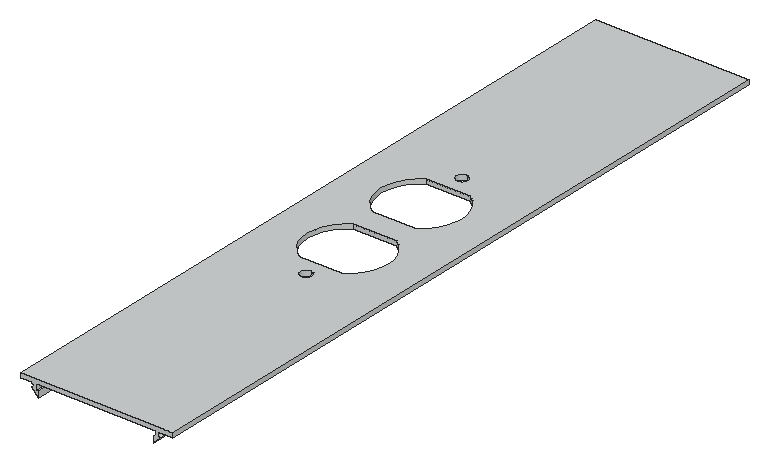
Revit family "Specialty_Equipment-Metal_Raceway-Hubbell_Wiring-Duplex_Receptacle_Cover-HBLALU57DR", category Specialty Equipment, host Face, Revit 2015
Parameters
  URL = "http://www.hubbell-wiring.com/"
  Product data url = "https://bimobject.com/hubbellwiring/product/hubbell-metal-raceway-alu5000"
  Product Page URL = "http://ecatalog.hubbell-wiring.com/ProductInformation/ViewCatalog.aspx?Dest=hubbell-wiring.com/press/catalog/r.pdf"
  Product Documentation Link = "http://www.hubbell-wiring.com/press/pdfs/h5233r08.pdf"
  Model = "HBLALU57DR"
  Manufacturer = "Hubbell Wiring Device Kellems"  # constant formula
  Host Note = "Add in Section View; Host to Wall"  # constant formula
  Description = "Duplex Receptacle Cover"  # constant formula
  Default Elevation = 48.00"
  Cable Tray Material = Metal-Hubbell-Aluminum
  B = 12.00"
  Assembly Code = "D5090900"
  A = 2.54"
Reference planes (in)
  plane 1 "Center (Front/Back)": y = 0
  plane 2: z = 0
  plane 3 "Center (Left/Right)": x = 0
  plane 4: z = 1.585
  plane 5: y = 6
  plane 6: y = -6
  plane 7: x = -1.27
  plane 8: x = 1.27
  plane 9: y = 1.625
  plane 10: y = -1.625
  plane 11: y = 0.7655
  plane 12: y = -0.7655
Forms (in)
  Extrusion 1, void, detail levels medium+fine
    sketch origin (1.49625, 0, 2.17481) x (0, -1, 0) y (-1, 0, 0)
      loop
        circle (1.625, 1.49625) r 0.1
      loop
        circle (-1.625, 1.49625) r 0.1
      loop
        arc (-0.20278, 1.86109) -> (-0.7655, 2.16518) -> (-1.32822, 1.86109) r 0.67271
        line (-1.32822, 1.86109) -> (-1.32822, 1.1257)
        arc (-1.32822, 1.1257) -> (-0.7655, 0.82257) -> (-0.20278, 1.1257) r 0.67387
        line (-0.20278, 1.1257) -> (-0.20278, 1.86109)
      loop
        arc (1.32822, 1.86109) -> (0.7655, 2.16518) -> (0.20278, 1.86109) r 0.67271
        line (0.20278, 1.86109) -> (0.20278, 1.1257)
        arc (0.20278, 1.1257) -> (0.7655, 0.82257) -> (1.32822, 1.1257) r 0.67387
        line (1.32822, 1.1257) -> (1.32822, 1.86109)
    from 0.515 to 0.77349
  Extrusion 2, solid, material "Metal-Hubbell-Aluminum" <- "Cable Tray Material"
    sketch origin (0, 0, 0) x (1, 0, 0) y (0, 0, 1)
      loop
        line (-1.27, 1.65981) -> (-1.27, 1.585) -> (-1.08047, 1.585)
        arc (-1.08047, 1.585) -> (-1.04559, 1.55149) -> (-1.07767, 1.51529) r 0.03491
        line (-1.07767, 1.51529) -> (-0.9637, 1.40132) -> (-0.9637, 1.5052) -> (-0.99569, 1.5052) -> (-0.99569, 1.585) -> (0.98819, 1.585) -> (0.98819, 1.5052) -> (0.9562, 1.5052) -> (0.9562, 1.40132) -> (1.07017, 1.51529)
        arc (1.07017, 1.51529) -> (1.03809, 1.55149) -> (1.07298, 1.585) r 0.03491
        line (1.07298, 1.585) -> (1.27, 1.585) -> (1.27, 1.65981) -> (-1.27, 1.65981)
    from -6 to 6
Cuts and joins
  Extrusion 1 cuts Extrusion 2
Lines and regions (in)
  reference lines
    curve 1: circle (0, 1.625, 1.585) r 0.1 normal (0, 0, 1)
    curve 2: circle (0, -1.625, 1.585) r 0.1 normal (0, 0, 1)
    curve 3: line (-1.27, 0, 1.65981) -> (-1.27, 0, 1.585)
    curve 4: line (1.27, 0, 1.65981) -> (-1.27, 0, 1.65981)
    curve 5: line (1.27, 0, 1.585) -> (1.27, 0, 1.65981)
    curve 6: line (1.07298, 0, 1.585) -> (1.27, 0, 1.585)
    curve 7: arc (1.07017, 0, 1.51529) -> (1.03809, 0, 1.55149) -> (1.07298, 0, 1.585) r 0.03491
    curve 8: line (0.9562, 0, 1.40132) -> (1.07017, 0, 1.51529)
    curve 9: line (0.9562, 0, 1.5052) -> (0.9562, 0, 1.40132)
    curve 10: line (0.98819, 0, 1.5052) -> (0.9562, 0, 1.5052)
    curve 11: line (0.98819, 0, 1.585) -> (0.98819, 0, 1.5052)
    curve 12: line (-0.99569, 0, 1.585) -> (0.98819, 0, 1.585)
    curve 13: line (-0.99569, 0, 1.5052) -> (-0.99569, 0, 1.585)
    curve 14: line (-0.9637, 0, 1.5052) -> (-0.99569, 0, 1.5052)
    curve 15: line (-0.9637, 0, 1.40132) -> (-0.9637, 0, 1.5052)
    curve 16: line (-1.07767, 0, 1.51529) -> (-0.9637, 0, 1.40132)
    curve 17: arc (-1.08047, 0, 1.585) -> (-1.04559, 0, 1.55149) -> (-1.07767, 0, 1.51529) r 0.03491
    curve 18: line (-1.27, 0, 1.585) -> (-1.08047, 0, 1.585)
    curve 19: arc (-0.36484, 1.32822, 2.075) -> (-0.66893, 0.7655, 2.075) -> (-0.36484, 0.20278, 2.075) r 0.67271
    curve 20: line (-0.36484, 1.32822, 2.075) -> (0.37055, 1.32822, 2.075)
    curve 21: line (-0.36484, 0.20278, 2.075) -> (0.37055, 0.20278, 2.075)
    curve 22: arc (0.37055, 1.32822, 2.075) -> (0.67368, 0.7655, 2.075) -> (0.37055, 0.20278, 2.075) r 0.67387
    curve 23: arc (-0.36484, -1.32822, 2.075) -> (-0.66893, -0.7655, 2.075) -> (-0.36484, -0.20278, 2.075) r 0.67271
    curve 24: line (-0.36484, -1.32822, 2.075) -> (0.37055, -1.32822, 2.075)
    curve 25: line (-0.36484, -0.20278, 2.075) -> (0.37055, -0.20278, 2.075)
    curve 26: arc (0.37055, -1.32822, 2.075) -> (0.67368, -0.7655, 2.075) -> (0.37055, -0.20278, 2.075) r 0.67387
  symbolic lines
    curve 27: line (0, 6, 1.585) -> (0, -6, 1.585)
    curve 28: line (0, 6, 1.65981) -> (0, 6, 1.585)
    curve 29: line (0, -6, 1.65981) -> (0, 6, 1.65981)
    curve 30: line (0, -6, 1.585) -> (0, -6, 1.65981)
    curve 31: line (-1.27, -6, 0) -> (1.27, -6, 0)
    curve 32: line (-1.27, 6, 0) -> (-1.27, -6, 0)
    curve 33: line (1.27, 6, 0) -> (-1.27, 6, 0)
    curve 34: line (1.27, -6, 0) -> (1.27, 6, 0)
    curve 35: arc (0, 1.725, 0) -> (0.1, 1.625, 0) -> (0, 1.525, 0) r 0.1
    curve 36: arc (0, 1.525, 0) -> (-0.1, 1.625, 0) -> (0, 1.725, 0) r 0.1
    curve 37: line (-0.36484, 1.32822, 0) -> (0.37055, 1.32822, 0)
    curve 38: arc (0.37055, 1.32822, 0) -> (0.67368, 0.7655, 0) -> (0.37055, 0.20278, 0) r 0.67387
    curve 39: line (0.37055, 0.20278, 0) -> (-0.36484, 0.20278, 0)
    curve 40: arc (-0.36484, 0.20278, 0) -> (-0.66893, 0.7655, 0) -> (-0.36484, 1.32822, 0) r 0.67271
    curve 41: line (-0.36484, -0.20278, 0) -> (0.37055, -0.20278, 0)
    curve 42: arc (0.37055, -0.20278, 0) -> (0.67368, -0.7655, 0) -> (0.37055, -1.32822, 0) r 0.67387
    curve 43: line (0.37055, -1.32822, 0) -> (-0.36484, -1.32822, 0)
    curve 44: arc (-0.36484, -1.32822, 0) -> (-0.66893, -0.7655, 0) -> (-0.36484, -0.20278, 0) r 0.67271
    curve 45: arc (0, -1.525, 0) -> (0.1, -1.625, 0) -> (0, -1.725, 0) r 0.1
    curve 46: arc (0, -1.725, 0) -> (-0.1, -1.625, 0) -> (0, -1.525, 0) r 0.1
    curve 47: line (1.27, 0, 1.585) -> (-1.27, 0, 1.585)
    curve 48: line (1.27, 0, 1.65981) -> (1.27, 0, 1.585)
    curve 49: line (-1.27, 0, 1.65981) -> (1.27, 0, 1.65981)
    curve 50: line (-1.27, 0, 1.585) -> (-1.27, 0, 1.65981)
Dimensions and locks (in)
  equal spacing: plane 5, plane 1 "Center (Front/Back)", plane 6
  equal spacing: plane 9, plane 1 "Center (Front/Back)", plane 10, locked at 1.625 each
  plane 4 to host face = 1.585"
  equal spacing: plane 11, plane 1 "Center (Front/Back)", plane 12, locked at 0.7655 each
  equal spacing: plane 7, plane 3 "Center (Left/Right)", plane 8
  "A": plane 7 to plane 8
  "B": plane 5 to plane 6
  aligned and locked: plane 2 to host face
  aligned and locked: level to host face
  aligned and locked: Extrusion 1 sketch curve to curve 2
  aligned and locked: Extrusion 1 sketch curve to curve 1
  aligned and locked: Extrusion 1 sketch curve to curve 21
  aligned and locked: Extrusion 1 sketch curve to curve 19
  aligned and locked: Extrusion 1 sketch curve to curve 20
  aligned and locked: Extrusion 1 sketch curve to curve 22
  aligned and locked: Extrusion 1 sketch curve to curve 23
  aligned and locked: Extrusion 1 sketch curve to curve 24
  aligned and locked: Extrusion 1 sketch curve to curve 26
  aligned and locked: Extrusion 1 sketch curve to curve 25
  aligned and locked: Extrusion 2 sketch curve to curve 3
  aligned and locked: Extrusion 2 sketch curve to curve 4
  aligned and locked: Extrusion 2 sketch curve to curve 5
  aligned and locked: Extrusion 2 sketch curve to curve 7
  aligned and locked: Extrusion 2 sketch curve to curve 8
  aligned and locked: Extrusion 2 sketch curve to curve 9
  aligned and locked: Extrusion 2 sketch curve to curve 10
  aligned and locked: Extrusion 2 sketch curve to curve 11
  aligned and locked: Extrusion 2 sketch curve to curve 12
  aligned and locked: Extrusion 2 sketch curve to curve 13
  aligned and locked: Extrusion 2 sketch curve to curve 14
  aligned and locked: Extrusion 2 sketch curve to curve 15
  aligned and locked: Extrusion 2 sketch curve to curve 16
  aligned and locked: Extrusion 2 sketch curve to curve 17
  aligned and locked: Extrusion 2 sketch curve to curve 18
  aligned and locked: plane 5 to Extrusion 2
  aligned and locked: Extrusion 2 to plane 6
  aligned and locked: curve 35 to cut or joined group of Extrusion 1, Extrusion 2
  aligned and locked: curve 36 to cut or joined group of Extrusion 1, Extrusion 2
  aligned and locked: curve 37 to cut or joined group of Extrusion 1, Extrusion 2
  aligned and locked: curve 38 to cut or joined group of Extrusion 1, Extrusion 2
  aligned and locked: curve 39 to cut or joined group of Extrusion 1, Extrusion 2
  aligned and locked: curve 40 to cut or joined group of Extrusion 1, Extrusion 2
  aligned and locked: curve 41 to cut or joined group of Extrusion 1, Extrusion 2
  aligned and locked: curve 42 to cut or joined group of Extrusion 1, Extrusion 2
  aligned and locked: curve 43 to cut or joined group of Extrusion 1, Extrusion 2
  aligned and locked: curve 44 to cut or joined group of Extrusion 1, Extrusion 2
  aligned and locked: curve 45 to cut or joined group of Extrusion 1, Extrusion 2
  aligned and locked: curve 46 to cut or joined group of Extrusion 1, Extrusion 2
  aligned and locked: curve 28 to plane 5
  aligned and locked: plane 4 to curve 27
  aligned and locked: plane 6 to curve 30
  aligned and locked: Extrusion 2 to Extrusion 1
  aligned and locked: Extrusion 1 to Extrusion 2
  aligned and locked: plane 4 to curve 47
  aligned and locked: curve 49 to cut or joined group of Extrusion 1, Extrusion 2
  aligned and locked: plane 8 to curve 48
  aligned and locked: plane 7 to curve 50
Automatic sketch dimensions
  host sketch curve to host sketch curve = 96.00"  (x2)
  curve 2 to plane 3 "Center (Left/Right)" = 0.00"
  curve 1 to plane 3 "Center (Left/Right)" = 0.00"
  curve 1 to plane 9 = 0.00"
  curve 2 to plane 10 = 0.00"
  curve 3 to plane 4 = 0.00"
  curve 3 to plane 7 = 0.00"
  plane 8 to curve 4 = 0.00"
  plane 4 to curve 4 = 0.07481"
  curve 5 to plane 4 = 0.00"
  plane 8 to curve 6 = 0.19703"
  curve 7 to curve 7 = 0.00281"
  curve 7 to plane 4 = 0.03491"
  curve 8 to curve 8 = 0.11397"  (x2)
  curve 9 to plane 4 = 0.0798"
  curve 9 to curve 10 = 0.03199"
  curve 11 to plane 4 = 0.00"
  plane 7 to curve 12 = 0.27431"
  curve 13 to plane 4 = 0.0798"
  curve 13 to curve 14 = 0.03199"
  curve 15 to curve 15 = 0.10388"
  curve 16 to plane 4 = 0.06971"
  curve 16 to curve 13 = 0.08198"
  curve 17 to plane 4 = 0.03491"
  curve 19 to curve 22 = 0.56272"
  curve 22 to curve 19 = 0.00"
  curve 19 to curve 21 = 0.56272"
  curve 22 to curve 26 = 0.40556"
  curve 23 to curve 26 = 0.56272"
  curve 26 to curve 23 = 0.00"
  curve 26 to curve 23 = 0.56272"
  curve 19 to curve 25 = 0.00"
  curve 25 to curve 26 = 0.36465"
  curve 21 to curve 22 = 0.36465"
  curve 22 to curve 19 = 0.00397"
  curve 26 to curve 23 = 0.00397"
  curve 19 to curve 22 = 0.36677"
  curve 23 to curve 24 = 0.36677"
  curve 27 to curve 29 = 0.07481"
  radius of curve 1 = 0.10"
  radius of curve 2 = 0.10"
